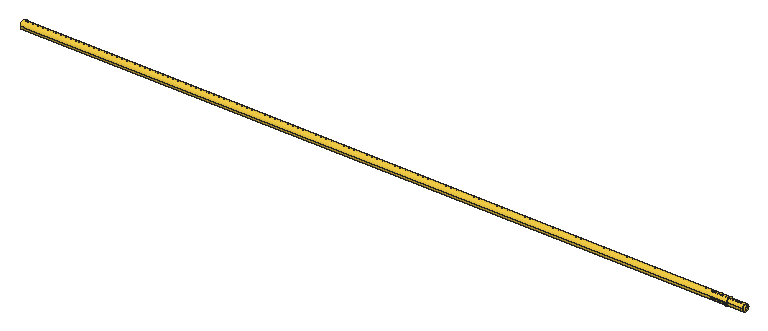
Revit family "TUBE 42 WITH SOCKET_2023800", category Modelos genéricos, Revit 2018
Family settings
  Puede alojar armadura = No
  Cota de conector redondo = Diámetro de uso
  Tipo de pieza = Normal
  Número OmniClass = 35.51.14.00
  Título OmniClass = FORMWORK
  Se basa en plano de trabajo = Sí
  Siempre vertical = No
  Corte con vacíos al cargar = No
  Compartido = Sí
  Punto de cálculo de habitación = No
Parameters
  VERSION = "20170217"  # constant formula
  URL = "www.ulmaconstruction.com/en"
  UNICLASS = ""
  Fabricante = "ULMA CONSTRUCTION"  # constant formula
  ITEM_CODE = "2023800"
  FILTER [instance] = ""
  Default Elevation = 0.000 mm
  CLASSIFICATION_TITLE = ""
  CLASSIFICATION_NUMBER = ""
Reference planes
  plane 1 "Centro (Frontal/Posterior)": y = 0
  plane 2: z = 0
  plane 3 "Centro (Izquierda/Derecha)": x = 0
  plane 4: z = 18
  plane 5 "PLANO TORNILLO": x = 4020
  plane 6 "TUBE REF. 2": z = 21
  plane 7 "NEXT_TUBE": x = 4070
Forms (mm)
  Extrusion 1, solid, material "ULMA YELLOW", detail levels medium+fine
    sketch origin (0, 0, 0) x (0, 1, 0) y (0, 0, 1)
      loop
        circle (0, 0) r 21
      loop
        circle (0, 0) r 19
    from 0 to 4070
  Extrusion 2, solid, material "ULMA YELLOW", detail levels medium+fine
    sketch origin (0, 0, 0) x (0, 1, 0) y (0, 0, 1)
      loop
        circle (0, 0) r 12
      loop
        circle (0, 0) r 18
    from 3970.067 to 4161.5
  Revolve 3, solid, material "ULMA YELLOW", detail levels medium+fine
    sketch origin (0, 0, 0) x (1, 0, 0) y (0, 0, 1)
      loop
        arc (4167.5, 12) -> (4165.743, 16.243) -> (4161.5, 18) r 6
        line (4161.5, 18) -> (4161.5, 0) -> (4167.5, 0) -> (4167.5, 12)
      axis (4161.5, 0) -> (4167.5, 0)
    angle from 0 to 360
  Extrusion 4, void
    sketch origin (0, 0, 0) x (0, 1, 0) y (0, 0, 1)
      loop
        circle (0, 0) r 12
    from 4161.5 to 4173.865
  Revolve 5, solid, material "ULMA YELLOW", detail levels medium+fine
    sketch origin (4020, 0, 0) x (0, 0, 1) y (0, -1, 0)
      loop
        line (-21, 0) -> (-25.2, 0)
        arc (-25.2, 0) -> (-24.119, -3.752) -> (-21, -6.1) r 6.158
        line (-21, -6.1) -> (-21, 0)
      axis (-21, 0) -> (-25.2, 0)
    angle from 0 to 360
  Revolve 6, solid, material "ULMA YELLOW", detail levels medium+fine
    sketch origin (4020, 0, 0) x (0, 0, 1) y (0, -1, 0)
      loop
        line (26, 0) -> (-21, 0) -> (-21, -3.5) -> (26, -3.5) -> (26, 0)
      axis (26, 0) -> (-21, 0)
    angle from 0 to 360
  Extrusion 7, void
    sketch origin (0, 0, 21) x (0, -1, 0) y (1, 0, 0)
      loop
        circle (0, 4135) r 4.993
    from -42 to 0
Cuts and joins
  Extrusion 4 cuts Revolve 3
  Extrusion 7 cuts Extrusion 2
Lines and regions (mm)
  model lines, style "ULMA FIXING ITEMS", detail levels coarse
    curve 1: circle (4135, 0, 0) r 4.993 normal (0, 0, 1)
    curve 2: circle (4020, 0, 0) r 6.1 normal (0, 0, -1)
    curve 3: line (0, 21, 0) -> (4070, 21, 0)
    curve 4: line (0, -21, 0) -> (0, 21, 0)
    curve 5: line (4070, -21, 0) -> (0, -21, 0)
    curve 6: line (4070, 21, 0) -> (4070, -21, 0)
    curve 7: line (4070, 18, 0) -> (4161.5, 18, 0)
    curve 8: line (4070, -18, 0) -> (4161.5, -18, 0)
    curve 9: line (4167.5, 0, 0) -> (4167.5, 12, 0)
    curve 10: line (4167.5, -12, 0) -> (4167.5, 0, 0)
    curve 11: arc (4161.5, -18, 0) -> (4165.743, -16.243, 0) -> (4167.5, -12, 0) r 6
    curve 12: arc (4167.5, 12, 0) -> (4165.743, 16.243, 0) -> (4161.5, 18, 0) r 6
    curve 13: line (0, 21, 0) -> (4070, 21, 0)
Dimensions and locks
  aligned and locked: level to plane 2
